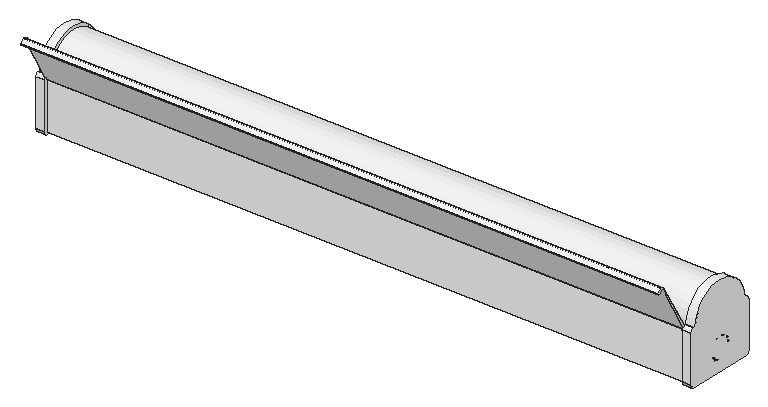
Revit family "0045189+0045232 Feilo Sylvania Lighting Fixture SYLBATTEN LED2 NW DALI TP5 with ASYMMETRIC REFLECTOR ACCESSORY 600MM", category Lighting Fixtures, host Face, Revit 2017
Family settings
  Host = Face
  Round Connector Dimension = Use Diameter
  Part Type = Normal
  OmniClass Number = 23.80.70.00
  OmniClass Title = Lighting
  Cut with Voids When Loaded = No
  Light Source = Yes
  Shared = No
  Room Calculation Point = No
Parameters (values of type "0045189 SYLBATTEN LED2 NW DALI TP5")
  Width_FEILO = 66 mm
  Weight = "1.306 kg"
  Wattage Comments = "n/a"
  Wattage = 22 W
  WarrantyStartDate [instance] = "n/a"
  WarrantyGuarantorParts = "n/a"
  WarrantyDurationUnit = "n/a"
  WarrantyDurationParts = "n/a"
  WarrantyDescription = "n/a"
  built-in parameter 1150110 = 1 (stored number, unit not read)
  Voltage = 230 V
  URL = "http://www.sylvania-lighting.com"
  TypeName = "SYLBATTEN LED2 NW DALI TP5"
  Type Image = <None>
  Type Comments = "n/a"
  built-in parameter 1114217 = 1 (stored number, unit not read)
  Tilt Angle = -90.00°
  built-in parameter 1150109 = 1 (stored number, unit not read)
  built-in parameter 1150134 = 12
  SymReflector_FEILO = no
  built-in parameter 1150113 = 1 (stored number, unit not read)
  SerialNumber [instance] = "n/a"
  PowerFactor = 0
  PowerConsumption = "22 W"
  Photometric Web File = "0045189+0045232.ies"
  NominalLength = 605 mm
  NominalHeight = 76 mm
  NominalDepth = 66 mm
  Name = "SYLBATTEN LED2 NW DALI TP5"
  ModelReference = Name  # "SYLBATTEN LED2 NW DALI TP5"
  ModelNumber = "0045189"
  Model = Name  # "SYLBATTEN LED2 NW DALI TP5"
  Material_4_FEILO = Reflector-Sylvania-Sylbatten-White
  Material_3_FEILO = Diffuser-Sylvania-Sylbatten-Glow
  Material_2_FEILO = Body-Sylvania-Sylbatten-White
  Material_1_FEILO = Body-Sylvania-Sylbatten-White
  Material = "sheet steel housing, polycarbonate diffuser"
  ManufacturerName = "Feilo Sylvania"
  Manufacturer = "Feilo Sylvania"
  LuminousEfficacy = "105.8 lm/W"
  built-in parameter 1150105 = 185.24 (stored number, unit not read)
  Lumens = 2327.82 lm
  LuminaireType = ""
  built-in parameter 1150115 = 1 (stored number, unit not read)
  LightOutputRatio = "100"
  built-in parameter 1150137 = (empty or 0)
  built-in parameter 1150139 = (empty or 0)
  Length_FEILO = 605 mm
  LampsType = Lamp  # "LED"
  LampNominalLuminous = "2328 lm"
  LampMacAdamStep = "n/a"
  LampColourTemperature = "4000 K"
  LampColourRenderingIndex = "80"
  built-in parameter 1150112 = 1 (stored number, unit not read)
  built-in parameter 1150114 = 1 (stored number, unit not read)
  Lamp = "LED"
  Keynote = "16500"
  InstallationDate [instance] = "n/a"
  InputVoltage = "220-240V~"
  InputNominalFrequency = "n/a"
  built-in parameter 1150132 = (empty or 0)
  built-in parameter 1150102 = (empty or 0)
  built-in parameter 1150107 = 4000 (stored number, unit not read)
  built-in parameter 1150138 = (empty or 0)
  IngressProtection = "IP20"
  ImpactProtectionIndex = "IK07"
  built-in parameter 1150106 = 1.8524 (stored number, unit not read)
  IfcExportType = "IfcLightFixtureType"
  IfcExportAs = "IfcLightFixtureType"
  Height_FEILO = 76 mm
  ExpectedLife = 50000
  Emit from Rectangle Width = Length_FEILO - 16 mm  # 589 mm
  Emit from Rectangle Length = Width_FEILO - 40 mm  # 26 mm
  Emit Shape Visible in Rendering = no
  ElectricShockClassification = "Class I"
  built-in parameter 1150104 = 9.8301 (stored number, unit not read)
  DurationUnit = "hours"
  DocumentationLiterature = "http://www.sylvania-lighting.com/product/en-int/products/0045189"
  DimmingControlOptions = "Dimmable"
  Dimming Lamp Color Temperature Shift = <None>
  Description = "LED batten, T8 replacement, ease of installation through 2 part push-in design of the housing (safety cable included), through wiring capability (TP5 = 5 core), sheet steel, 2328LM, 22W, 106lm/W, 4000K, drive current: 350mA, CRI 80, 138° wide beam angle, DALI dimmable, IP20, IK07, 50,000 hrs (L70), (LxWxH) 605x66x76mm, 5 step MacAdam ellipse, 1.8kg, white RAL 9016, Class 1, 220-240V, energy class: A++, A+, A."
  Default Elevation = 1219.2 mm
  CreatedOn = "2/22/2018"
  CreatedBy = ""
  Cost = 0
  Color Filter = 16777215
  built-in parameter 1114216 [instance] = (empty or 0)
  ClassificationValue = "EF_70_80"
  ClassificationName = "Uniclass2015"
  CapOffset_FEILO = 2 mm
  BarCode [instance] = "n/a"
  built-in parameter 1114218 = 1 (stored number, unit not read)
  BackReflector_FEILO = and(not(AsymReflector_FEILO), SymReflector_FEILO)  # no
  built-in parameter 1150133 = 10 (stored number, unit not read)
  FrontReflector_FEILO = or(AsymReflector_FEILO, SymReflector_FEILO)  # yes
  AsymReflector_FEILO = yes
  AssetType = "Fixed"
  AssetIdentifier [instance] = "n/a"
  Assembly Code = "D5020200"
  Apparent Load = 22 VA
Reference planes
  plane 1 "Center (Front/Back)": y = 0
  plane 2: z = 0
  plane 3 "Center (Left/Right)": x = 0
  plane 4: x = 302.5
  plane 5: x = -302.5
  plane 6: y = 33
  plane 7: y = -33
  plane 8: z = 76
  plane 9: z = 47
  plane 10: y = -29
  plane 11: y = 29
  plane 12: z = 20
  plane 13: z = 74
  plane 14: y = -31
  plane 15: y = -27
  plane 16: y = 27
  plane 17: y = 31
  plane 18: z = 2
  plane 19: x = -294.5
  plane 20: x = 294.5
  plane 21: z = 49
  plane 22: y = 1
  plane 23: y = -1
  plane 24: z = 21
  plane 25: z = 19
  plane 26: y = -61
  plane 27: y = 61
  plane 28: y = -56
  plane 29: y = 56
  plane 30: z = 91
  plane 31: z = 88
Forms (mm)
  Extrusion 1, solid, material "Body-Sylvania-Sylbatten-White" <- "Material_2_FEILO"
    sketch origin (0, 0, 0) x (0, 1, 0) y (0, 0, 1)
      loop
        line (-31, 2) -> (31, 2) -> (31, 45)
        arc (31, 45) -> (30.414, 46.414) -> (29, 47) r 2
        line (29, 47) -> (27, 47)
        arc (27, 47) -> (0, 74) -> (-27, 47) r 27
        line (-27, 47) -> (-29, 47)
        arc (-29, 47) -> (-30.414, 46.414) -> (-31, 45) r 2
        line (-31, 45) -> (-31, 2)
    from -294.5 to 294.5
  Extrusion 2, solid, material "Body-Sylvania-Sylbatten-White" <- "Material_2_FEILO"
    sketch origin (302.5, 1524, 1219.2) x (0, 1, 0) y (0, 0, 1)
      loop
        arc (-1494, -1219.2) -> (-1491.879, -1218.321) -> (-1491, -1216.2) r 3
        line (-1491, -1216.2) -> (-1491, -1173.2)
        arc (-1491, -1173.2) -> (-1491.879, -1171.079) -> (-1494, -1170.2) r 3
        line (-1494, -1170.2) -> (-1495.069, -1170.2)
        arc (-1495.069, -1170.2) -> (-1524, -1143.2) -> (-1552.931, -1170.2) r 29
        line (-1552.931, -1170.2) -> (-1554, -1170.2)
        arc (-1554, -1170.2) -> (-1556.121, -1171.079) -> (-1557, -1173.2) r 3
        line (-1557, -1173.2) -> (-1557, -1216.2)
        arc (-1557, -1216.2) -> (-1556.121, -1218.321) -> (-1554, -1219.2) r 3
        line (-1554, -1219.2) -> (-1494, -1219.2)
      loop
        arc (-1525, -1189.25) -> (-1531.071, -1192.129) -> (-1533.95, -1198.2) r 10
        line (-1533.95, -1198.2) -> (-1532.944, -1198.2)
        arc (-1532.944, -1198.2) -> (-1530.364, -1192.836) -> (-1525, -1190.256) r 9
        line (-1525, -1190.256) -> (-1525, -1189.25)
      loop
        arc (-1523, -1190.256) -> (-1517.636, -1192.836) -> (-1515.056, -1198.2) r 9
        line (-1515.056, -1198.2) -> (-1514.05, -1198.2)
        arc (-1514.05, -1198.2) -> (-1516.929, -1192.129) -> (-1523, -1189.25) r 10
        line (-1523, -1189.25) -> (-1523, -1190.256)
      loop
        line (-1532.944, -1200.2) -> (-1533.95, -1200.2)
        arc (-1533.95, -1200.2) -> (-1531.071, -1206.271) -> (-1525, -1209.15) r 10
        line (-1525, -1209.15) -> (-1525, -1208.144)
        arc (-1525, -1208.144) -> (-1530.364, -1205.564) -> (-1532.944, -1200.2) r 9
      loop
        arc (-1515.056, -1200.2) -> (-1517.636, -1205.564) -> (-1523, -1208.144) r 9
        line (-1523, -1208.144) -> (-1523, -1209.15)
        arc (-1523, -1209.15) -> (-1516.929, -1206.271) -> (-1514.05, -1200.2) r 10
        line (-1514.05, -1200.2) -> (-1515.056, -1200.2)
    from 0 to -8
  Extrusion 3, solid, material "Body-Sylvania-Sylbatten-White" <- "Material_2_FEILO"
    sketch origin (-302.5, 1524, 1219.2) x (0, 1, 0) y (0, 0, 1)
      loop
        arc (-1495.069, -1170.2) -> (-1524, -1143.2) -> (-1552.931, -1170.2) r 29
        line (-1552.931, -1170.2) -> (-1554, -1170.2)
        arc (-1554, -1170.2) -> (-1556.121, -1171.079) -> (-1557, -1173.2) r 3
        line (-1557, -1173.2) -> (-1557, -1216.2)
        arc (-1557, -1216.2) -> (-1556.121, -1218.321) -> (-1554, -1219.2) r 3
        line (-1554, -1219.2) -> (-1494, -1219.2)
        arc (-1494, -1219.2) -> (-1491.879, -1218.321) -> (-1491, -1216.2) r 3
        line (-1491, -1216.2) -> (-1491, -1173.2)
        arc (-1491, -1173.2) -> (-1491.879, -1171.079) -> (-1494, -1170.2) r 3
        line (-1494, -1170.2) -> (-1495.069, -1170.2)
      loop
        line (-1533.95, -1198.2) -> (-1532.944, -1198.2)
        arc (-1532.944, -1198.2) -> (-1530.364, -1192.836) -> (-1525, -1190.256) r 9
        line (-1525, -1190.256) -> (-1525, -1189.25)
        arc (-1525, -1189.25) -> (-1531.071, -1192.129) -> (-1533.95, -1198.2) r 10
      loop
        line (-1523, -1189.25) -> (-1523, -1190.256)
        arc (-1523, -1190.256) -> (-1517.636, -1192.836) -> (-1515.056, -1198.2) r 9
        line (-1515.056, -1198.2) -> (-1514.05, -1198.2)
        arc (-1514.05, -1198.2) -> (-1516.929, -1192.129) -> (-1523, -1189.25) r 10
      loop
        line (-1514.05, -1200.2) -> (-1515.056, -1200.2)
        arc (-1515.056, -1200.2) -> (-1517.636, -1205.564) -> (-1523, -1208.144) r 9
        line (-1523, -1208.144) -> (-1523, -1209.15)
        arc (-1523, -1209.15) -> (-1516.929, -1206.271) -> (-1514.05, -1200.2) r 10
      loop
        line (-1525, -1209.15) -> (-1525, -1208.144)
        arc (-1525, -1208.144) -> (-1530.364, -1205.564) -> (-1532.944, -1200.2) r 9
        line (-1532.944, -1200.2) -> (-1533.95, -1200.2)
        arc (-1533.95, -1200.2) -> (-1531.071, -1206.271) -> (-1525, -1209.15) r 10
    from 0 to 8
  Extrusion 4, solid, material "Reflector-Sylvania-Sylbatten-White" <- "Material_4_FEILO", visible <- "FrontReflector_FEILO"
    sketch origin (0, 0, 0) x (0, 1, 0) y (0, 0, 1)
      loop
        line (-61.257, 88.429) -> (-60.743, 87.571) -> (-56.621, 90.044)
        arc (-56.621, 90.044) -> (-56.237, 90.099) -> (-55.929, 89.863) r 0.5
        line (-55.929, 89.863) -> (-31.435, 46.753) -> (-30.565, 47.247) -> (-55.312, 90.802)
        arc (-55.312, 90.802) -> (-55.928, 91.275) -> (-56.696, 91.165) r 1
        line (-56.696, 91.165) -> (-61.257, 88.429)
    from -294.5 to 294.5
  Extrusion 5, solid, material "Reflector-Sylvania-Sylbatten-White" <- "Material_4_FEILO", visible <- "BackReflector_FEILO"
    sketch origin (0, 0, 0) x (0, 1, 0) y (0, 0, 1)
      loop
        line (30.565, 47.247) -> (31.435, 46.753) -> (55.932, 89.868)
        arc (55.932, 89.868) -> (56.245, 90.112) -> (56.638, 90.062) r 0.518
        line (56.638, 90.062) -> (61.033, 87.565) -> (61.527, 88.435) -> (56.682, 91.188)
        arc (56.682, 91.188) -> (55.922, 91.282) -> (55.318, 90.812) r 1
        line (55.318, 90.812) -> (30.565, 47.247)
    from -294.5 to 294.5
Lines and regions (mm)
  reference lines
    curve 1: line (0, -61, 88) -> (0, -56, 91)
    curve 2: line (0, -56, 91) -> (0, -31, 47)
    curve 3: line (0, 31, 47) -> (0, 56, 91)
    curve 4: line (0, 56, 91) -> (0, 61.28, 88)
Dimensions and locks
  equal spacing: plane 5, plane 3 "Center (Left/Right)", plane 4
  equal spacing: plane 7, plane 1 "Center (Front/Back)", plane 6
  "Width_FEILO": plane 7 to plane 6
  "Length_FEILO": plane 5 to plane 4
  "Height_FEILO": plane 8 to plane 2
  locked: plane 9 to plane 8 at 29
  equal spacing: plane 10, plane 1 "Center (Front/Back)", plane 11
  locked: plane 7 to plane 10 at 4
  locked: plane 12 to plane 2 at 20
  "CapOffset_FEILO": plane 13 to plane 8
  "CapOffset_FEILO": plane 7 to plane 14
  "CapOffset_FEILO": plane 10 to plane 15
  "CapOffset_FEILO": plane 17 to plane 6
  "CapOffset_FEILO": plane 16 to plane 11
  "CapOffset_FEILO": plane 18 to plane 2
  locked: plane 14 to Extrusion 1 sketch curve at 2
  locked: Extrusion 1 sketch curve to plane 9 at 2  (x2)
  locked: plane 16 to Extrusion 1 sketch curve at 2
  equal spacing: plane 19, plane 3 "Center (Left/Right)", plane 20
  locked: plane 5 to plane 19 at 8
  "CapOffset_FEILO": plane 9 to plane 21
  locked: Extrusion 2 sketch curve to plane 2 at 47
  locked: Extrusion 1 sketch curve to plane 2 at 47
  locked: Extrusion 2 sketch curve to plane 2 at 3  (x2)
  locked: plane 7 to Extrusion 2 sketch curve at 3  (x2)
  locked: Extrusion 2 sketch curve to plane 6 at 3  (x2)
  locked: Extrusion 2 sketch curve to plane 21 at 3  (x2)
  equal spacing: plane 23, plane 1 "Center (Front/Back)", plane 22
  equal spacing: plane 25, plane 12, plane 24
  plane 30 to plane 31 to plane 2 = 3 mm locked, 88 mm locked
  plane 28 to plane 29 = 112 mm
  plane 26 to plane 27 = 122 mm
  aligned and locked: plane 2 to host face
  aligned and locked: level to host face
  aligned and locked: plane 18 to Extrusion 1 sketch curve
  aligned and locked: plane 14 to Extrusion 1 sketch curve
  aligned and locked: Extrusion 1 sketch curve to plane 9  (x2)
  aligned and locked: Extrusion 1 sketch curve to plane 17
  aligned and locked: plane 15 to Extrusion 1 sketch curve
  aligned and locked: plane 16 to Extrusion 1 sketch curve
  aligned and locked: plane 9 to Extrusion 1 sketch curve
  aligned and locked: plane 20 to Extrusion 1
  aligned and locked: level to Extrusion 2 sketch curve
  aligned and locked: Extrusion 2 sketch curve to plane 7
  aligned and locked: plane 21 to Extrusion 2 sketch curve
  aligned and locked: Extrusion 2 sketch curve to plane 21
  aligned and locked: plane 1 "Center (Front/Back)" to Extrusion 2 sketch curve  (x3)
  aligned and locked: Extrusion 2 to Extrusion 1
  aligned and locked: plane 4 to Extrusion 2
  aligned and locked: plane 12 to Extrusion 2 sketch curve  (x2)
  aligned and locked: Extrusion 2 sketch curve to plane 22
  aligned and locked: Extrusion 2 sketch curve to plane 23
  aligned and locked: Extrusion 2 sketch curve to plane 24
  aligned and locked: Extrusion 2 sketch curve to plane 25
  aligned and locked: plane 25 to Extrusion 2 sketch curve
  aligned and locked: plane 22 to Extrusion 2 sketch curve
  aligned and locked: plane 24 to Extrusion 2 sketch curve
  aligned and locked: plane 23 to Extrusion 2 sketch curve  (x2)
  aligned and locked: Extrusion 3 sketch curve to Extrusion 2  (x22)
  aligned and locked: Extrusion 3 to Extrusion 1
  aligned and locked: Extrusion 3 to plane 5
  aligned and locked: plane 19 to Extrusion 3
  aligned and locked: plane 31 to curve 1
  aligned and locked: plane 30 to curve 1
  aligned and locked: plane 14 to curve 2
  aligned and locked: plane 9 to curve 2
  aligned and locked: plane 17 to curve 3
  aligned and locked: plane 30 to curve 3
  aligned and locked: plane 31 to curve 4
  aligned and locked: Extrusion 4 sketch curve to curve 2
  aligned and locked: Extrusion 4 sketch curve to curve 1
  aligned and locked: Extrusion 4 to Extrusion 1
  aligned and locked: Extrusion 1 to Extrusion 4
  aligned and locked: imposter light to plane 1 "Center (Front/Back)"
  aligned and locked: imposter light to plane 3 "Center (Left/Right)"
  aligned and locked: imposter light to plane 13
  aligned and locked: Extrusion 5 sketch curve to curve 4
  aligned and locked: Extrusion 5 sketch curve to curve 3
  aligned and locked: Extrusion 1 to Extrusion 5
  aligned and locked: Extrusion 5 to Extrusion 1
Automatic sketch dimensions
  host sketch curve to host sketch curve = 2438.4 mm  (x2)
  Extrusion 2 sketch curve to Extrusion 2 sketch curve = 0 mm  (x14)
  Extrusion 2 sketch curve to plane 10 = 0.069 mm
  plane 23 to Extrusion 2 sketch curve = 8.95 mm
  Extrusion 2 sketch curve to Extrusion 2 sketch curve = 1.006 mm  (x4)
  Extrusion 2 sketch curve to plane 22 = 7.944 mm
  curve 1 to plane 26 = 0 mm
  curve 2 to plane 28 = 0 mm
  curve 4 to plane 29 = 0 mm
  plane 9 to curve 3 = 0 mm
  plane 26 to Extrusion 4 sketch curve = 0.257 mm
  Extrusion 4 sketch curve to plane 26 = 0.257 mm
  Extrusion 4 sketch curve to plane 30 = 0.165 mm
  plane 28 to Extrusion 4 sketch curve = 0.696 mm
  plane 28 to Extrusion 4 sketch curve = 0.621 mm
  plane 28 to Extrusion 4 sketch curve = 0.364 mm
  plane 28 to Extrusion 4 sketch curve = 0.182 mm
  Extrusion 4 sketch curve to plane 28 = 0.071 mm
  plane 30 to Extrusion 4 sketch curve = 0.198 mm
  Extrusion 4 sketch curve to plane 28 = 0.688 mm
  plane 9 to Extrusion 4 sketch curve = 0.247 mm
  plane 1 "Center (Front/Back)" to Extrusion 4 sketch curve = 31.435 mm
  Extrusion 5 sketch curve to plane 9 = 0.247 mm
  Extrusion 5 sketch curve to plane 1 "Center (Front/Back)" = 30.565 mm
  plane 9 to Extrusion 5 sketch curve = 0.247 mm
  plane 30 to Extrusion 5 sketch curve = 0.188 mm
  plane 29 to Extrusion 5 sketch curve = 0.068 mm
  Extrusion 5 sketch curve to plane 29 = 0.188 mm
  Extrusion 5 sketch curve to plane 29 = 0.382 mm
  Extrusion 5 sketch curve to Extrusion 5 sketch curve = 0.256 mm
  Extrusion 5 sketch curve to plane 30 = 0.188 mm
  Extrusion 5 sketch curve to plane 29 = 0.682 mm
  Extrusion 5 sketch curve to plane 27 = 0.033 mm
  Extrusion 5 sketch curve to plane 27 = 0.527 mm
Connectors
  electrical at (0, 0, 0), driven by "Apparent Load", driven by "PowerFactor", driven by "Voltage"
    settings: index 1, voltage 230 V, apparent load 22 VA, apparent load phase1 0 VA, apparent load phase2 0 VA, apparent load phase3 0 VA, power factor 0, load classification "Lighting", number of poles 1, system type 30, power factor state 1, is connector primary yes, connector utility no, sub classification motor no, connector description ""
